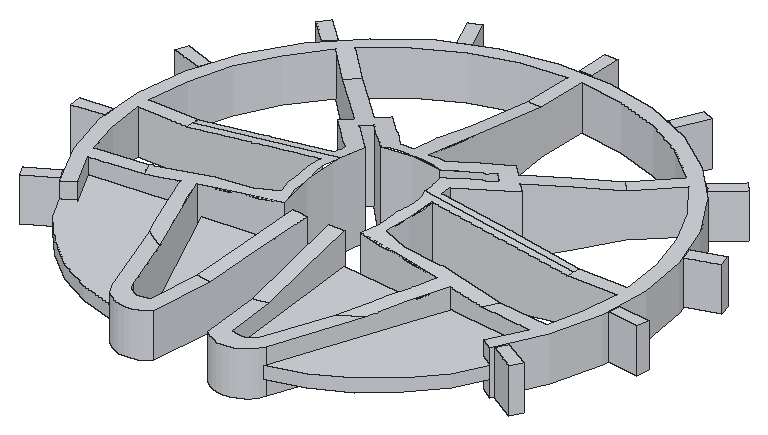
Revit family "Væg-Con Kas 40 14-18", category Generic Models, Revit 2019
Family settings
  Can host rebar = No
  Round Connector Dimension = Use Diameter
  Part Type = Normal
  Work Plane-Based = Yes
  Always vertical = No
  Cut with Voids When Loaded = No
  Shared = No
  Room Calculation Point = No
Parameters
  Website Link = "https://haucon.dk/produkt/vaeg-con-kas/#variations"
  Technical Data Sheet = "https://haucon.dk/wp-content/uploads/2016/04/1011100-VAEG-CON-KAS-TDS-DK.pdf"
  Default Elevation = 1219.2 mm
Reference planes
  plane 1 "Center (Front/Back)": y = 0
  plane 2: z = 0
  plane 3 "Center (Left/Right)": x = 0
Forms (mm)
  Extrusion 1, solid
    sketch origin (0, 0, 0) x (1, 0, 0) y (0, 1, 0)
      loop
        line (-5.977, 3.997) -> (-11.114, 9.134) -> (-9.789, 10.459) -> (-4.705, 5.374)
        arc (-4.705, 5.374) -> (0, 5.693) -> (4.705, 5.374) r 34.901
        line (4.705, 5.374) -> (9.789, 10.459) -> (11.114, 9.134) -> (5.977, 3.997)
        arc (5.977, 3.997) -> (6.885, -3.912) -> (5.977, -11.82) r 34.901
        line (5.977, -11.82) -> (18.852, -13.038) -> (10.405, -36.285)
        arc (10.405, -36.285) -> (8.749, -37.891) -> (6.463, -37.584) r 2.642
        line (6.463, -37.584) -> (4.105, -12.646) -> (1.759, -12.868) -> (4.302, -39.768)
        arc (4.302, -39.768) -> (8.702, -41.121) -> (12.177, -38.101) r 4.742
        line (12.177, -38.101) -> (21.203, -13.26) -> (34.827, -14.548)
        arc (34.827, -14.548) -> (33.518, -17.354) -> (31.982, -20.044) r 37.744
        line (31.982, -20.044) -> (33.894, -21.242)
        arc (33.894, -21.242) -> (-0.159, 40) -> (-33.724, -21.511) r 40
        line (-33.724, -21.511) -> (-31.822, -20.297)
        arc (-31.822, -20.297) -> (-33.437, -17.508) -> (-34.809, -14.592) r 37.744
        line (-34.809, -14.592) -> (-21.194, -13.285) -> (-12.177, -38.101)
        arc (-12.177, -38.101) -> (-8.702, -41.121) -> (-4.302, -39.768) r 4.742
        line (-4.302, -39.768) -> (-1.759, -12.868) -> (-4.105, -12.646) -> (-6.463, -37.584)
        arc (-6.463, -37.584) -> (-8.749, -37.891) -> (-10.405, -36.285) r 2.642
        line (-10.405, -36.285) -> (-18.844, -13.059) -> (-5.977, -11.824)
        arc (-5.977, -11.824) -> (-6.885, -3.914) -> (-5.977, 3.997) r 34.901
      loop
        arc (-37.727, -1.118) -> (-37.121, -6.826) -> (-35.657, -12.377) r 37.744
        line (-35.657, -12.377) -> (-8.159, -9.737)
        arc (-8.159, -9.737) -> (-8.681, -5.443) -> (-8.669, -1.118) r 34.901
        line (-8.669, -1.118) -> (-37.727, -1.118)
      loop
        line (-1.091, 7.66) -> (-1.091, 37.728)
        arc (-1.091, 37.728) -> (-14.623, 34.796) -> (-26.188, 27.181) r 37.744
        line (-26.188, 27.181) -> (-11.379, 12.372) -> (-9.762, 13.988) -> (-3.435, 7.66) -> (-1.091, 7.66)
      loop
        line (-12.995, 10.755) -> (-27.785, 25.546)
        arc (-27.785, 25.546) -> (-34.959, 14.228) -> (-37.727, 1.118) r 37.744
        line (-37.727, 1.118) -> (-8.451, 1.118)
        arc (-8.451, 1.118) -> (-8.318, 2.049) -> (-8.159, 2.976) r 34.901
        line (-8.159, 2.976) -> (-14.467, 9.284) -> (-12.995, 10.755)
      loop
        line (1.091, 7.66) -> (3.435, 7.66) -> (9.762, 13.988) -> (11.379, 12.372) -> (26.188, 27.181)
        arc (26.188, 27.181) -> (14.623, 34.796) -> (1.091, 37.728) r 37.744
        line (1.091, 37.728) -> (1.091, 7.66)
      loop
        line (12.995, 10.755) -> (14.467, 9.284) -> (8.159, 2.976)
        arc (8.159, 2.976) -> (8.318, 2.049) -> (8.451, 1.118) r 34.901
        line (8.451, 1.118) -> (37.727, 1.118)
        arc (37.727, 1.118) -> (34.959, 14.228) -> (27.785, 25.546) r 37.744
        line (27.785, 25.546) -> (12.995, 10.755)
      loop
        line (37.727, -1.118) -> (8.669, -1.118)
        arc (8.669, -1.118) -> (8.682, -5.44) -> (8.16, -9.731) r 34.901
        line (8.16, -9.731) -> (35.672, -12.332)
        arc (35.672, -12.332) -> (37.126, -6.803) -> (37.727, -1.118) r 37.744
    from -7.5 to 7.5
  Extrusion 2, solid
    sketch origin (-0.006, 22.5, 0) x (1, 0, 0) y (0, 1, 0)
      loop
        arc (-1.021, 17.47) -> (-0.012, 17.5) -> (0.997, 17.47) r 17.085
        line (0.997, 17.47) -> (0.997, 22.47) -> (-1.021, 22.47) -> (-1.021, 17.47)
    from -3.5 to 3.5
  Extrusion 3, solid
    sketch origin (9.147, 20.557, 0) x (0.913545, -0.406737, 0) y (0.406737, 0.913545, 0)
      loop
        arc (-1.021, 17.47) -> (-0.012, 17.5) -> (0.997, 17.47) r 17.085
        line (0.997, 17.47) -> (0.997, 22.47) -> (-1.021, 22.47) -> (-1.021, 17.47)
    from -3.5 to 3.5
  Extrusion 4, solid
    sketch origin (-9.157, 20.553, 0) x (0.913545, 0.406737, 0) y (-0.406737, 0.913545, 0)
      loop
        arc (-1.021, 17.47) -> (-0.012, 17.5) -> (0.997, 17.47) r 17.085
        line (0.997, 17.47) -> (0.997, 22.47) -> (-1.021, 22.47) -> (-1.021, 17.47)
    from -3.5 to 3.5
  Extrusion 5, solid
    sketch origin (-16.724, 15.051, 0) x (0.669131, 0.743145, 0) y (-0.743145, 0.669131, 0)
      loop
        arc (-1.021, 17.47) -> (-0.012, 17.5) -> (0.997, 17.47) r 17.085
        line (0.997, 17.47) -> (0.997, 22.47) -> (-1.021, 22.47) -> (-1.021, 17.47)
    from -3.5 to 3.5
  Extrusion 6, solid
    sketch origin (-21.4, 6.948, 0) x (0.309017, 0.951057, 0) y (-0.951057, 0.309017, 0)
      loop
        arc (-1.021, 17.47) -> (-0.012, 17.5) -> (0.997, 17.47) r 17.085
        line (0.997, 17.47) -> (0.997, 22.47) -> (-1.021, 22.47) -> (-1.021, 17.47)
    from -3.5 to 3.5
  Extrusion 7, solid
    sketch origin (-22.376, -2.357, 0) x (-0.104528, 0.994522, 0) y (-0.994522, -0.104528, 0)
      loop
        arc (-1.021, 17.47) -> (-0.012, 17.5) -> (0.997, 17.47) r 17.085
        line (0.997, 17.47) -> (0.997, 22.47) -> (-1.021, 22.47) -> (-1.021, 17.47)
    from -3.5 to 3.5
  Extrusion 8, solid
    sketch origin (-19.483, -11.255, 0) x (-0.5, 0.866025, 0) y (-0.866025, -0.5, 0)
      loop
        arc (-1.021, 17.47) -> (-0.012, 17.5) -> (0.997, 17.47) r 17.085
        line (0.997, 17.47) -> (0.997, 22.47) -> (-1.021, 22.47) -> (-1.021, 17.47)
    from -3.5 to 3.5
  Extrusion 9, solid
    sketch origin (19.488, -11.245, 0) x (-0.5, -0.866025, 0) y (0.866025, -0.5, 0)
      loop
        arc (-1.021, 17.47) -> (-0.012, 17.5) -> (0.997, 17.47) r 17.085
        line (0.997, 17.47) -> (0.997, 22.47) -> (-1.021, 22.47) -> (-1.021, 17.47)
    from -3.5 to 3.5
  Extrusion 10, solid
    sketch origin (22.377, -2.346, 0) x (-0.104528, -0.994522, 0) y (0.994522, -0.104528, 0)
      loop
        arc (-1.021, 17.47) -> (-0.012, 17.5) -> (0.997, 17.47) r 17.085
        line (0.997, 17.47) -> (0.997, 22.47) -> (-1.021, 22.47) -> (-1.021, 17.47)
    from -3.5 to 3.5
  Extrusion 11, solid
    sketch origin (21.397, 6.958, 0) x (0.309017, -0.951057, 0) y (0.951057, 0.309017, 0)
      loop
        arc (-1.021, 17.47) -> (-0.012, 17.5) -> (0.997, 17.47) r 17.085
        line (0.997, 17.47) -> (0.997, 22.47) -> (-1.021, 22.47) -> (-1.021, 17.47)
    from -3.5 to 3.5
  Extrusion 12, solid
    sketch origin (16.717, 15.06, 0) x (0.669131, -0.743145, 0) y (0.743145, 0.669131, 0)
      loop
        arc (-1.021, 17.47) -> (-0.012, 17.5) -> (0.997, 17.47) r 17.085
        line (0.997, 17.47) -> (0.997, 22.47) -> (-1.021, 22.47) -> (-1.021, 17.47)
    from -3.5 to 3.5
  Sweep 13, void
    path origin (0, 0, 0) x (1, 0, 0) y (0, 1, 0)
      loop
        circle (0, 0) r 10
    profile origin (0, 10, 0) x (0, -1, 0) y (0, 0, 1)
      loop
        line (-19.984, 3.503) -> (8.698, 7.5) -> (-19.984, 7.5) -> (-32.239, 7.5) -> (-32.239, 3.503) -> (-19.984, 3.503)
  Extrusion 14, solid
    sketch origin (0, 0, 0) x (1, 0, 0) y (0, 1, 0)
      loop
        arc (-36.064, -14.712) -> (-27.518, -30.32) -> (-11.768, -38.601) r 30.816
        line (-11.768, -38.601) -> (-21.451, -13.309) -> (-36.064, -14.712)
      loop
        line (-4.128, -13.016) -> (-17.058, -14.257) -> (-6.502, -37.746) -> (-4.128, -13.016)
      loop
        line (36.064, -14.712) -> (21.451, -13.309) -> (11.768, -38.601)
        arc (11.768, -38.601) -> (27.518, -30.32) -> (36.064, -14.712) r 30.816
      loop
        line (4.128, -13.016) -> (6.502, -37.746) -> (17.058, -14.257) -> (4.128, -13.016)
    from -1 to 1
  Sweep 15, void
    path origin (0, 0, 0) x (0, -1, 0) y (1, 0, 0)
      loop
        circle (0, 0) r 10
    profile origin (0, 10, 0) x (0, -1, 0) y (0, 0, 1)
      loop
        line (-19.984, -3.503) -> (-32.239, -3.503) -> (-32.239, -7.5) -> (-19.984, -7.5) -> (8.698, -7.5) -> (-19.984, -3.503)
Cuts and joins
  Sweep 13, Sweep 15 cuts Extrusion 1
  Sweep 15 cuts Extrusion 2
  Sweep 15 cuts Extrusion 3
  Sweep 15 cuts Extrusion 4
  Sweep 15 cuts Extrusion 5
  Sweep 15 cuts Extrusion 6
  Sweep 15 cuts Extrusion 7
  Sweep 15 cuts Extrusion 8
  Sweep 15 cuts Extrusion 9
  Sweep 15 cuts Extrusion 10
  Sweep 15 cuts Extrusion 11
  Sweep 15 cuts Extrusion 12
Dimensions and locks
  aligned and locked: level to plane 2
